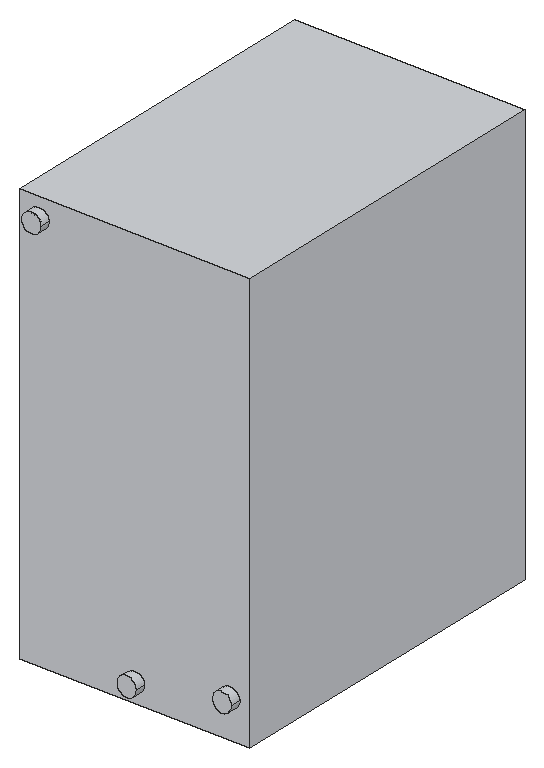
Revit family "M_Serpentina AHU da cobertura - Refrigerante", category Equipamento mecânico, Revit 2019
Family settings
  Cota do conector redondo = Usar raio
  Tipo de parte = Normal
  Número OmniClass = 23.75.35.14
  Título OmniClass = Air Handling Units
  ID de item do Seek = Rooftop AHU Coil - Refrigerant-0000-CAN-ENU
  Com base no plano de trabalho = Não
  Sempre na vertical = Sim
  Corte com vazios quando carregada = Não
  Compartilhado = Não
  Ponto de cálculo do ambiente = Não
Parameters (values of type "700 L/s")
  Largura da unidade = Largura do duto  # 900 mm
  Comprimento da unidade = 600 mm
  Altura da unidade = Altura do duto  # 1100 mm
  Raio da tubulação = 25 mm
  Forma da peça = "Duto retangular"
  Modelo = "Tamanho do exterior 03"
  Largura do duto = 900 mm
  Altura do duto = 1100 mm
  Fluxo da drenagem [instance] = 0.0 L/s
  Pressão do ar [instance] = 174.0 Pa
  Fluxo de ar [instance] = 700.0 L/s
Types (10, lengths in mm): name | Largura da unidade | Altura da unidade | Modelo | Largura do duto | Altura do duto | Fluxo de ar
  4,950 L/s | 2100 | 1700 | "Tamanho do exterior 21" | 2100 | 1700 | 4950.0 L/s
  5,900 L/s | 2300 | 1700 | "Tamanho do exterior 25" | 2300 | 1700 | 5900.0 L/s
  700 L/s | 900 | 1100 | "Tamanho do exterior 03" | 900 | 1100 | 700.0 L/s
  7,100 L/s | 2700 | 1700 | "Tamanho do exterior 30" | 2700 | 1700 | 7100.0 L/s
  1,400 L/s | 1250 | 1100 | "Tamanho do exterior 06" | 1250 | 1100 | 1400.0 L/s
  1,900 L/s | 1450 | 1200 | "Tamanho do exterior 08" | 1450 | 1200 | 1900.0 L/s
  2,350 L/s | 1800 | 1200 | "Tamanho do exterior 10" | 1800 | 1200 | 2350.0 L/s
  2,850 L/s | 1800 | 1350 | "Tamanho do exterior 12" | 1800 | 1350 | 2850.0 L/s
  3,300 L/s | 1900 | 1350 | "Tamanho do exterior 14" | 1900 | 1350 | 3300.0 L/s
  4,000 L/s | 2100 | 1400 | "Tamanho do exterior 17" | 2100 | 1400 | 4000.0 L/s
Reference planes
  plane 1 "Centro (Frente/Trás)": y = 0
  plane 2: z = 0
  plane 3 "Centro (Esquerda/Direita)": x = 0
  plane 4: x = -600
  plane 5: y = 900
  plane 6: z = 1100
  plane 7: x = -300
  plane 8: x = -549.2
  plane 9: z = 1049.2
  plane 10: z = 50.8
  plane 11: x = -50.8
  plane 12: z = 101.6
  plane 13: y = -25.4
Forms (mm)
  Extrusion 1, solid
    sketch origin (0, 0, 0) x (1, 0, 0) y (0, 1, 0)
      loop
        line (-600, 900) -> (-600, 0) -> (0, 0) -> (0, 900) -> (-600, 900)
    from 0 to 1100
  Extrusion 2, solid
    sketch origin (0, 0, 0) x (1, 0, 0) y (0, 0, 1)
      loop
        circle (-549.2, 1049.2) r 25
    from 0 to 25.4
  Extrusion 3, solid
    sketch origin (0, 0, 0) x (1, 0, 0) y (0, 0, 1)
      loop
        circle (-50.8, 101.6) r 25
      loop
        circle (-300, 50.8) r 25
    from 0 to 25.4
Dimensions and locks
  "Largura da unidade": plane 1 "Centro (Frente/Trás)" to plane 5
  "Comprimento da unidade": plane 4 to plane 3 "Centro (Esquerda/Direita)"
  "Altura da unidade": plane 6 to plane 2
  equal spacing: plane 3 "Centro (Esquerda/Direita)", plane 7, plane 4
  locked: plane 12 to plane 10 at 50.8
  locked: plane 10 to plane 2 at 50.8
  locked: plane 3 "Centro (Esquerda/Direita)" to plane 11 at 50.8
  locked: plane 8 to plane 4 at 50.8
  locked: plane 6 to plane 9 at 50.8
  locked: plane 1 "Centro (Frente/Trás)" to plane 13 at 25.4
  "Raio da tubulação": radius of Extrusion 2 sketch curve
  "Raio da tubulação": radius of Extrusion 3 sketch curve  (x2)
  aligned and locked: plane 4 to Extrusion 1 sketch curve
  aligned and locked: plane 5 to Extrusion 1 sketch curve
  aligned and locked: plane 1 "Centro (Frente/Trás)" to Extrusion 1 sketch curve
  aligned and locked: Extrusion 1 sketch curve to plane 3 "Centro (Esquerda/Direita)"
  aligned and locked: Extrusion 1 to plane 2
  aligned and locked: plane 6 to Extrusion 1
  aligned and locked: plane 9 to Extrusion 2 sketch curve
  aligned and locked: plane 8 to Extrusion 2 sketch curve
  aligned and locked: plane 12 to Extrusion 3 sketch curve
  aligned and locked: plane 11 to Extrusion 3 sketch curve
  aligned and locked: plane 10 to Extrusion 3 sketch curve
  aligned and locked: plane 7 to Extrusion 3 sketch curve
  aligned and locked: Extrusion 3 to plane 13
  aligned and locked: Extrusion 2 to plane 13
Connectors
  hvac at (-600, 450, 550), driven by "Fluxo de ar", driven by "Altura do duto", driven by "Largura do duto"
    settings: on Extrusion 1, index 1, duct flow 700.0 L/s, flow factor 0, pres drop 0.0 Pa, loss coef 0, conn angle 0.00°, conn width 900 mm, conn height 1100 mm, conn diameter 609.6 mm, duct sys type 1, conn prof type 1, flow config 0, flow direction 0, loss method 4, conn ref index 2, conn util no, is conn primary yes, conn desc ""
  hvac at (0, 450, 550), driven by "Pressão do ar", driven by "Fluxo de ar", driven by "Altura do duto", driven by "Largura do duto"
    settings: on Extrusion 1, index 2, duct flow 700.0 L/s, flow factor 0, pres drop 174.0 Pa, loss coef 0, conn angle 0.00°, conn width 900 mm, conn height 1100 mm, conn diameter 609.6 mm, duct sys type 1, conn prof type 1, flow config 0, flow direction 0, loss method 4, conn ref index 1, conn util no, is conn primary no, conn desc ""
  piping at (-549.2, -25.4, 1049.2), diameter 15.875
    settings: on Extrusion 2, index 3, connector inside diameter 15.875 mm, connector length 0 mm, flow factor 0, pipe flow 0.0 L/s, pressure drop 0.0 Pa, fitting loss kfactor 0, connector angle 0.00°, fixture units 0, engagement length 0 mm, angle of deflection 0.00°, flow configuration 1, flow direction 1, fitting loss method 0, system type 22, joint type 0, gender type 0, connector reference index 4, connector utility 0, adjustable connector no, is connector primary yes, connector description "Entrada de fluxo"
  piping at (-50.8, -25.4, 101.6), diameter 15.875
    settings: on Extrusion 3, index 4, connector inside diameter 15.875 mm, connector length 0 mm, flow factor 0, pipe flow 0.0 L/s, pressure drop 0.0 Pa, fitting loss kfactor 0, connector angle 0.00°, fixture units 0, engagement length 0 mm, angle of deflection 0.00°, flow configuration 1, flow direction 2, fitting loss method 0, system type 22, joint type 0, gender type 0, connector reference index 3, connector utility 0, adjustable connector no, is connector primary no, connector description "Saída de fluxo"
  piping at (-300, -25.4, 50.8), diameter 50, driven by "Raio da tubulação"
    settings: on Extrusion 3, index 5, connector inside diameter 50 mm, connector length 0 mm, flow factor 0, pipe flow 0.0 L/s, pressure drop 0.0 Pa, fitting loss kfactor 0, connector angle 0.00°, fixture units 0, engagement length 0 mm, angle of deflection 0.00°, flow configuration 1, flow direction 2, fitting loss method 0, system type 16, joint type 0, gender type 0, connector reference index -1, connector utility 0, adjustable connector yes, is connector primary no, connector description ""
